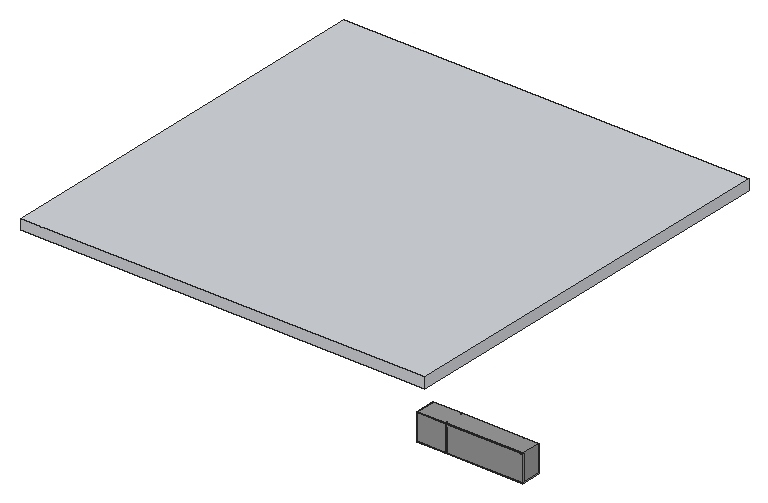
Revit family "LA2C-End Flat", category Lighting Fixtures, host Face, Revit 2014
Parameters (values of type "End Flat")
  Width = 0' - 6"
  Left [instance] = no
  Height From Face = 4' - 0"
  Weight = "8 lbs"
  Wattage Comments = ""
  Wattage = 19 W
  built-in parameter 1150110 = 1 (stored number, unit not read)
  Type Comments = "Stainless steel canopy mounts to\r\nstandard junction box (provided by others)"
  built-in parameter 1114217 = 1 (stored number, unit not read)
  built-in parameter 1150109 = 1 (stored number, unit not read)
  built-in parameter 1150134 = (empty or 0)
  built-in parameter 1150113 = 1 (stored number, unit not read)
  STANDARDS = "6-8 week lead time, Damp rated, UL Compliant / CSA Approved"
  Shade = 3form Varia Ecoresin
  Model = "LA2C-End-Flat"
  Manufacturer = "LightArt"
  built-in parameter 1150105 = 406.42 (stored number, unit not read)
  Lumens = 1276.8 lm
  built-in parameter 1150115 = 1 (stored number, unit not read)
  Light Source Symbol Size = 0' - 6"
  built-in parameter 1150137 = (empty or 0)
  built-in parameter 1150139 = (empty or 0)
  built-in parameter 1150112 = 1 (stored number, unit not read)
  built-in parameter 1150114 = 1 (stored number, unit not read)
  LIGHTING = "Solid State LED System\r\n120v-277v input; 24v driver;\r\n0-10v dimming compatible\r\n3000k 81 CRI light source\r\nS - 14w, 1050mA, 1045 lumens"
  Keynote = ""
  Input = "120v-277v"
  built-in parameter 1150132 = (empty or 0)
  built-in parameter 1150102 = (empty or 0)
  built-in parameter 1150107 = 3000 (stored number, unit not read)
  built-in parameter 1150138 = (empty or 0)
  built-in parameter 1150106 = 4.0642 (stored number, unit not read)
  Height = 0' - 8"
  Hardware = Stainless Steel Cables
  HARDWARE = "Removable powder coated lid\r\n\r\n\r\n3/64” stainless steel cables to canopy \r\n\r\nAdjustable 24”-96” suspension"
  built-in parameter 1150104 = 6.2431 (stored number, unit not read)
  Driver = "24v"
  Dimming Lamp Color Temperature Shift = <None>
  Dimming Compatibility = "0-10v"
  Description = "LED System"
  Diffuser = White Opal Acrylic
  Default Elevation [instance] = 4' - 0"
  Comments = "This model is for use in spatial massing and rendering. Please contact LightArt for pick-point placement and installation details."
  Color Filter = 16777215
  built-in parameter 1114218 = 1 (stored number, unit not read)
  built-in parameter 1150133 = 10 (stored number, unit not read)
Reference planes (in)
  plane 1 "Light Source Axis (F/B)": y = 0
  plane 2 "Ceiling": z = 0
  plane 3 "Light Source Axis (L/R)": x = 27.77748
  plane 4 "Light Source Elevation": z = -52
  plane 5: z = -56
  plane 6: z = -48
  plane 7: z = 0
  plane 8: y = 3
  plane 9: y = -3
  plane 10: x = 12.02748
  plane 11: x = 43.52748
  plane 12: x = 27.77748
Forms (in)
  Extrusion 1, solid, material "3form Varia Ecoresin" <- "Shade", detail levels medium+fine
    sketch origin (0, 0, -96) x (1, 0, 0) y (0, 1, 0)
      loop
        line (12.02748, -2.99997) -> (20.56541, -2.99997) -> (20.56541, -2.52451)
        arc (20.56541, -2.52451) -> (20.58998, -2.49994) -> (20.61456, -2.52451) r 0.02457
        line (20.61456, -2.52451) -> (20.61456, -2.99997) -> (43.52748, -2.99997) -> (43.52748, -2.4375) -> (43.46498, -2.4375) -> (43.46498, -2.93747) -> (20.67706, -2.93747) -> (20.67706, -2.52446)
        arc (20.67706, -2.52446) -> (20.58998, -2.43739) -> (20.50291, -2.52446) r 0.08707
        line (20.50291, -2.52446) -> (20.50291, -2.93747) -> (12.08998, -2.93747) -> (12.08998, 2.93747) -> (20.50291, 2.93747) -> (20.50291, 2.52446)
        arc (20.50291, 2.52446) -> (20.58998, 2.43739) -> (20.67706, 2.52446) r 0.08707
        line (20.67706, 2.52446) -> (20.67706, 2.93747) -> (43.46498, 2.93747) -> (43.46498, 2.43746) -> (43.52748, 2.43746) -> (43.52748, 2.99997) -> (20.61456, 2.99997) -> (20.61456, 2.52451)
        arc (20.61456, 2.52451) -> (20.58998, 2.49994) -> (20.56541, 2.52451) r 0.02457
        line (20.56541, 2.52451) -> (20.56541, 2.99997) -> (12.02748, 2.99997) -> (12.02748, -2.99997)
    from 40.125 to 47.875
  Extrusion 2, solid, material "3form Varia Ecoresin" <- "Shade", detail levels coarse
    sketch origin (0, 0, -96) x (1, 0, 0) y (0, 1, 0)
      loop
        line (43.52748, -3) -> (43.52748, 3) -> (12.02748, 3) -> (12.02748, -3) -> (43.52748, -3)
    from 40 to 48
  Extrusion 3, solid
    sketch origin (0, 0, 0) x (1, 0, 0) y (0, 1, 0)
      loop
        line (-60, -60) -> (60, -60) -> (60, 60) -> (-60, 60) -> (-60, -60)
    from 0 to 3.07528
  Extrusion 4, solid, material "White Opal Acrylic" <- "Diffuser", detail levels medium+fine
    sketch origin (-0.5, 0, -96) x (1, 0, 0) y (0, 1, 0)
      loop
        line (43.96498, 2.43746) -> (43.96498, -2.4375) -> (44.02748, -2.4375) -> (44.02748, 2.43746) -> (43.96498, 2.43746)
    from 40.125 to 48
  Extrusion 5, solid, material "White Opal Acrylic" <- "Diffuser", detail levels medium+fine
    sketch origin (-0.25, -15.00003, -100.125) x (1, 0, 0) y (0, 1, 0)
      loop
        line (12.27748, 12.00003) -> (20.81541, 12.00003) -> (20.81541, 12.47552)
        arc (20.81541, 12.47552) -> (20.83998, 12.50009) -> (20.86456, 12.47552) r 0.02457
        line (20.86456, 12.47552) -> (20.86456, 12.00003) -> (43.77748, 12.00003) -> (43.77748, 18.00003) -> (20.86456, 18.00003) -> (20.86456, 17.52454)
        arc (20.86456, 17.52454) -> (20.83998, 17.49996) -> (20.81541, 17.52454) r 0.02457
        line (20.81541, 17.52454) -> (20.81541, 18.00003) -> (12.27748, 18.00003) -> (12.27748, 12.00003)
    from 52 to 52.125
  Extrusion 6, solid, material "White Opal Acrylic" <- "Diffuser", detail levels medium+fine
    sketch origin (-0.25, -15.00003, -108) x (1, 0, 0) y (0, 1, 0)
      loop
        line (12.27748, 12.00003) -> (20.81541, 12.00003) -> (20.81541, 12.47552)
        arc (20.81541, 12.47552) -> (20.83998, 12.50009) -> (20.86456, 12.47552) r 0.02457
        line (20.86456, 12.47552) -> (20.86456, 12.00003) -> (43.77748, 12.00003) -> (43.77748, 18.00003) -> (20.86456, 18.00003) -> (20.86456, 17.52454)
        arc (20.86456, 17.52454) -> (20.83998, 17.49996) -> (20.81541, 17.52454) r 0.02457
        line (20.81541, 17.52454) -> (20.81541, 18.00003) -> (12.27748, 18.00003) -> (12.27748, 12.00003)
    from 52 to 52.125
Cuts and joins
  joined: Extrusion 4, Extrusion 5
Lines and regions (in)
  symbolic lines
    curve 1: line (12.02748, 3, -96) -> (43.52748, 3, -96)
    curve 2: line (43.52748, -3, -96) -> (12.02748, -3, -96)
    curve 3: line (43.52748, 3, -96) -> (43.52748, -3, -96)
    curve 4: line (12.02748, 3, -96) -> (12.02748, -3, -96)
Dimensions and locks (in)
  "Height": plane 6 to plane 5
  equal spacing: plane 6, plane 4 "Light Source Elevation", plane 5
  "Height From Face": plane 2 "Ceiling" to plane 6
  equal spacing: plane 9, plane 1 "Light Source Axis (F/B)", plane 8
  "Width": plane 9 to plane 8
  equal spacing: plane 10, plane 3 "Light Source Axis (L/R)", plane 11
  plane 6 to imposter light = 0' - 4"
  locked: Extrusion 6 to Extrusion 6 at 0.125
  locked: plane 6 to cut or joined group of Extrusion 4, Extrusion 5 at 0.125
  locked: Extrusion 6 to plane 5 at 0.125
  aligned and locked: imposter light to plane 4 "Light Source Elevation"
  aligned and locked: Extrusion 2 to plane 5
  aligned and locked: Extrusion 2 sketch curve to plane 10
  aligned and locked: Extrusion 2 sketch curve to plane 11
  aligned and locked: plane 11 to curve 3
  aligned and locked: plane 11 to Extrusion 1 sketch curve  (x2)
  aligned and locked: Extrusion 1 sketch curve to plane 10
  aligned and locked: nested 1 to plane 6
  aligned and locked: Extrusion 1 to Extrusion 4
  aligned and locked: plane 6 to Extrusion 2
  aligned and locked: Extrusion 5 sketch curve to plane 10
  aligned and locked: Extrusion 5 sketch curve to plane 11
  aligned and locked: plane 6 to Extrusion 5
  aligned and locked: Extrusion 5 to Extrusion 1
  aligned and locked: plane 12 to imposter light
  aligned and locked: plane 2 "Ceiling" to Extrusion 3
  aligned and locked: Extrusion 6 sketch curve to plane 11
  aligned and locked: Extrusion 6 to plane 5
  aligned and locked: Extrusion 5 to Extrusion 2
  aligned and locked: plane 6 to Extrusion 4
  aligned and locked: Extrusion 1 to cut or joined group of Extrusion 4, Extrusion 5
  aligned and locked: Extrusion 1 to Extrusion 6
Automatic sketch dimensions
  Extrusion 2 sketch curve to plane 9 = 0' - 0"
  plane 8 to Extrusion 2 sketch curve = 0' - 0"
  Extrusion 3 sketch curve to Extrusion 3 sketch curve = 10' - 0"  (x2)
  Extrusion 4 sketch curve to plane 11 = 0' - 0"
  Extrusion 4 sketch curve to Extrusion 4 sketch curve = 0' - 0 1/16"
  plane 9 to Extrusion 4 sketch curve = 0' - 0 9/16"
  plane 8 to Extrusion 4 sketch curve = 0' - 0.56254"
  plane 8 to Extrusion 5 sketch curve = 0' - 0"  (x2)
  Extrusion 5 sketch curve to plane 9 = 0' - 0"  (x2)
  Extrusion 5 sketch curve to plane 12 = 0' - 7.21207"  (x2)
  plane 9 to Extrusion 5 sketch curve = 0' - 0.47549"
  Extrusion 5 sketch curve to Extrusion 5 sketch curve = 0' - 0.02457"  (x2)
  Extrusion 5 sketch curve to Extrusion 5 sketch curve = 0' - 0.47549"
  plane 8 to Extrusion 6 sketch curve = 0' - 0"  (x2)
  Extrusion 6 sketch curve to plane 10 = 0' - 0"
  Extrusion 6 sketch curve to plane 9 = 0' - 0"  (x2)
  Extrusion 6 sketch curve to plane 3 "Light Source Axis (L/R)" = 0' - 7.21207"  (x2)
  Extrusion 6 sketch curve to Extrusion 6 sketch curve = 0' - 0.02457"  (x2)
  Extrusion 6 sketch curve to Extrusion 6 sketch curve = 0' - 0.47549"
  plane 9 to Extrusion 6 sketch curve = 0' - 0.47549"
  plane 10 to Extrusion 1 sketch curve = 0' - 0 1/16"
  plane 8 to Extrusion 1 sketch curve = 0' - 0.47554"
  Extrusion 1 sketch curve to plane 3 "Light Source Axis (L/R)" = 0' - 7.27457"
  plane 9 to Extrusion 1 sketch curve = 0' - 0.06253"  (x2)
  Extrusion 1 sketch curve to Extrusion 1 sketch curve = 0' - 0"  (x3)
  plane 8 to Extrusion 1 sketch curve = 0' - 0.00003"  (x2)
  Extrusion 1 sketch curve to Extrusion 1 sketch curve = 0' - 0 1/16"  (x3)
  plane 9 to Extrusion 1 sketch curve = 0' - 0.00003"  (x2)
  Extrusion 1 sketch curve to Extrusion 1 sketch curve = 0' - 0.02457"  (x2)
  plane 11 to Extrusion 1 sketch curve = 0' - 0 1/16"
  Extrusion 1 sketch curve to Extrusion 1 sketch curve = 0' - 0.41296"
  Extrusion 1 sketch curve to Extrusion 1 sketch curve = 0' - 0.00005"  (x2)
  Extrusion 1 sketch curve to Extrusion 1 sketch curve = 0' - 0.49997"
  plane 8 to Extrusion 1 sketch curve = 0' - 0.56254"
  plane 8 to Extrusion 1 sketch curve = 0' - 0.06253"  (x2)
  curve 4 to plane 10 = 0' - 0"
  curve 2 to plane 9 = 0' - 0"
  plane 8 to curve 4 = 0' - 0"
Nested families (in)
  nested 1: "Steel Cable" at (43.52748, -0.00825, -52.43947) x (0, 1, 0) z (0, 0, 1), visible <- "Left", type "Steel Cable"
Definition of nested family "Steel Cable"
  Parameters (values of type "Steel Cable")
    Material = Stainless Steel Cables
    Height = 4' - 0"
  Reference planes (in)
    plane 1 "Center (Front/Back)": y = 0
    plane 2: z = 0
    plane 3 "Center (Left/Right)": x = 0
    plane 4: z = 52.43947
    plane 5: z = 4.43947
  Forms (in)
    Extrusion 1, solid, material "Stainless Steel Cables" <- "Material"
      sketch origin (0, 0.06249, 0) x (1, 0, 0) y (0, 0, 1)
        loop
          line (1.57721, 0.38519) -> (1.57724, 4.43947)
          arc (1.57724, 4.43947) -> (0.00944, 5.56119) -> (-1.55836, 4.43947) r 1.6565
          line (-1.55836, 4.43947) -> (-1.55836, 0.38522)
          arc (-1.55836, 0.38522) -> (-1.44553, 0.11283) -> (-1.17314, 0) r 0.38522
          line (-1.17314, 0) -> (1.22175, 0)
          arc (1.22175, 0) -> (1.48393, 0.11467) -> (1.57721, 0.38519) r 0.3563
        loop
          line (0.77208, 1.06174) -> (0.77208, 4.56174)
          arc (0.77208, 4.56174) -> (0.01304, 5.07935) -> (-0.74601, 4.56174) r 0.81536
          line (-0.74601, 4.56174) -> (-0.74601, 1.06174)
          arc (-0.74601, 1.06174) -> (-0.6556, 0.74869) -> (-0.3594, 0.61289) r 0.39093
          line (-0.3594, 0.61289) -> (0.38558, 0.61289)
          arc (0.38558, 0.61289) -> (0.68174, 0.7487) -> (0.77208, 1.06174) r 0.39083
        loop
          circle (1.14945, 2.9859) r 0.08234
        loop
          circle (-1.13782, 2.9859) r 0.08234
        loop
          circle (1.14945, 0.37768) r 0.08234
        loop
          circle (-1.13782, 0.37768) r 0.08234
      from 0 to 0.125
    Revolve 2, solid, material "Stainless Steel Cables" <- "Material"
      sketch origin (0, 0.00119, 0) x (1, 0, 0) y (0, 0, 1)
        loop
          line (0, 6.85243) -> (0, 5.09501) -> (0.15937, 5.09501) -> (0.15937, 6.61585) -> (0.08845, 6.61585) -> (0.08845, 6.85243) -> (0, 6.85243)
        axis (0, 6.85243) -> (0, 5.09501)
      angle from 0 to 360
    Extrusion 3, solid, material "Stainless Steel Cables" <- "Material"
      sketch origin (0, 0.06249, 0) x (1, 0, 0) y (0, 1, 0)
        loop
          circle (0, -0.06153) r 0.04688
      from 6.85243 to 52.43947
  Dimensions and locks (in)
    "Height": plane 4 to plane 5
    locked: level to plane 5 at 4.43947
    aligned and locked: plane 2 to level
    aligned and locked: Extrusion 3 to Revolve 2
    aligned and locked: Extrusion 3 to plane 4
  Automatic sketch dimensions
    Extrusion 1 sketch curve to level = 0' - 0"
    Extrusion 1 sketch curve to plane 3 "Center (Left/Right)" = 0' - 1.55836"
    Extrusion 1 sketch curve to Extrusion 1 sketch curve = 0' - 0.38522"
    Extrusion 1 sketch curve to plane 3 "Center (Left/Right)" = 0' - 1.13782"
    Extrusion 1 sketch curve to Extrusion 1 sketch curve = 0' - 0.03532"
    Extrusion 1 sketch curve to plane 3 "Center (Left/Right)" = 0' - 0.74601"
    Extrusion 1 sketch curve to plane 3 "Center (Left/Right)" = 0' - 0.3594"
    plane 3 "Center (Left/Right)" to Extrusion 1 sketch curve = 0' - 0.00944"
    plane 3 "Center (Left/Right)" to Extrusion 1 sketch curve = 0' - 0.01304"
    plane 3 "Center (Left/Right)" to Extrusion 1 sketch curve = 0' - 0.38558"
    Extrusion 1 sketch curve to Extrusion 1 sketch curve = 0' - 0.3865"
    level to Extrusion 1 sketch curve = 0' - 0.37768"
    Extrusion 1 sketch curve to Extrusion 1 sketch curve = 0' - 0.37736"
    plane 3 "Center (Left/Right)" to Extrusion 1 sketch curve = 0' - 1.14945"
    Extrusion 1 sketch curve to Extrusion 1 sketch curve = 0' - 0.07231"
    Extrusion 1 sketch curve to Extrusion 1 sketch curve = 0' - 0.07264"
    level to Extrusion 1 sketch curve = 0' - 0.38519"
    Extrusion 1 sketch curve to Extrusion 1 sketch curve = 0' - 0.35512"
    Extrusion 1 sketch curve to Extrusion 1 sketch curve = 0' - 0.80516"
    Extrusion 1 sketch curve to Extrusion 1 sketch curve = 0' - 0.00753"
    level to Extrusion 1 sketch curve = 0' - 0.61289"
    Extrusion 1 sketch curve to Extrusion 1 sketch curve = 0' - 0.39083"
    Extrusion 1 sketch curve to Extrusion 1 sketch curve = 0' - 0.39093"
    Extrusion 1 sketch curve to Extrusion 1 sketch curve = 0' - 1.92416"  (x2)
    Extrusion 1 sketch curve to Extrusion 1 sketch curve = 0' - 0.91878"
    Extrusion 1 sketch curve to Extrusion 1 sketch curve = 0' - 0.35931"
    Extrusion 1 sketch curve to Extrusion 1 sketch curve = 0' - 1.45357"
    Extrusion 1 sketch curve to Extrusion 1 sketch curve = 0' - 0.29774"
    Revolve 2 sketch curve to plane 3 "Center (Left/Right)" = 0' - 0"  (x2)
    plane 3 "Center (Left/Right)" to Revolve 2 sketch curve = 0' - 0.08845"
    plane 3 "Center (Left/Right)" to Revolve 2 sketch curve = 0' - 0.15937"
    level to Revolve 2 sketch curve = 0' - 5.09501"
    Revolve 2 sketch curve to Revolve 2 sketch curve = 0' - 1.52084"
    Revolve 2 sketch curve to Revolve 2 sketch curve = 0' - 0.23658"
    Revolve 2 sketch curve to Revolve 2 sketch curve = 0' - 0.45184"
    Revolve 2 sketch curve to Revolve 2 sketch curve = 0' - 0.0858"
    Extrusion 3 sketch curve to plane 3 "Center (Left/Right)" = 0' - 0"
    Extrusion 3 sketch curve to plane 1 "Center (Front/Back)" = 0' - 0.00096"
    radius of Extrusion 1 sketch curve = 0' - 0.08234"  (x4)
    radius of Extrusion 3 sketch curve = 0' - 0 3/64"
